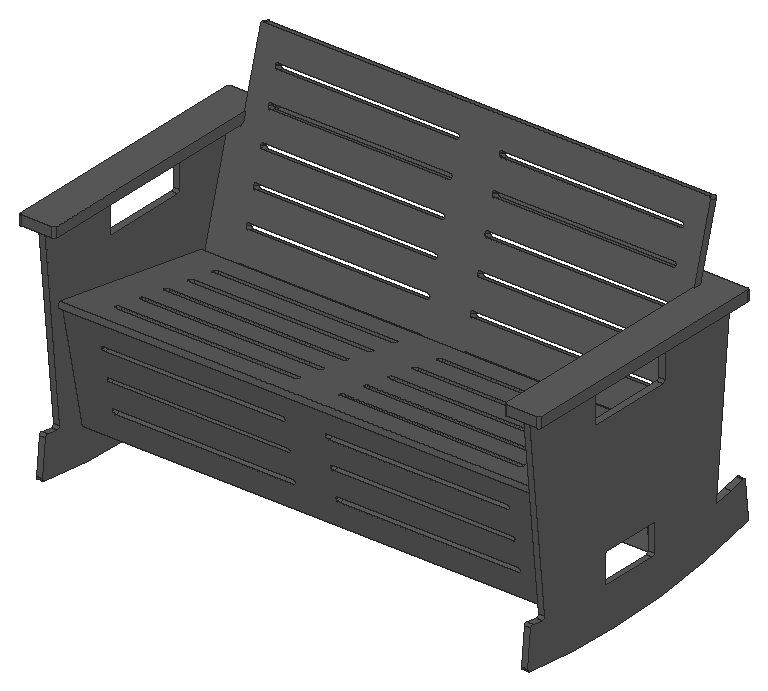
Revit family "Lollygagger Go Love Rocker", category Furniture, Revit 2016 (continued)
Lines and regions (in)
  Masking region 6
    outline origin (0, 0, 0) x (1, 0, 0) y (0, 0, 1)
      loop
        spline (-19.9375, 18.85466) -> (-19.96526, 18.85317) -> (-19.99267, 18.84873) -> (-20.01941, 18.84139) -> (-20.04513, 18.83125) -> (-20.06952, 18.81842) -> (-20.09227, 18.80306) -> (-20.11312, 18.78538) -> (-20.13179, 18.76557) -> (-20.14806, 18.7439) -> (-20.16172, 18.72063) -> (-20.17261, 18.69604) -> (-20.18059, 18.67044)
        spline (-20.18059, 18.67044) -> (-20.17261, 18.64484) -> (-20.16172, 18.62025) -> (-20.14806, 18.59697) -> (-20.13179, 18.5753) -> (-20.11312, 18.5555) -> (-20.09227, 18.53781) -> (-20.06952, 18.52246) -> (-20.04513, 18.50963) -> (-20.01941, 18.49948) -> (-19.99267, 18.49215) -> (-19.96526, 18.48771) -> (-19.9375, 18.48622)
        line (-19.9375, 18.48622) -> (-2.25, 18.48622)
        spline (-2.25, 18.48622) -> (-2.22224, 18.48771) -> (-2.19483, 18.49215) -> (-2.16809, 18.49948) -> (-2.14237, 18.50963) -> (-2.11798, 18.52246) -> (-2.09523, 18.53781) -> (-2.07438, 18.5555) -> (-2.05571, 18.5753) -> (-2.03944, 18.59697) -> (-2.02578, 18.62025) -> (-2.01489, 18.64484) -> (-2.00691, 18.67044)
        spline (-2.00691, 18.67044) -> (-2.01489, 18.69604) -> (-2.02578, 18.72063) -> (-2.03944, 18.7439) -> (-2.05571, 18.76557) -> (-2.07438, 18.78538) -> (-2.09523, 18.80306) -> (-2.11798, 18.81842) -> (-2.14237, 18.83125) -> (-2.16809, 18.84139) -> (-2.19483, 18.84873) -> (-2.22224, 18.85317) -> (-2.25, 18.85466)
        line (-2.25, 18.85466) -> (-19.9375, 18.85466)
  Masking region 7
    outline origin (0, 0, 0) x (1, 0, 0) y (0, 1, 0)
      loop
        line (-22.25, 12.7508) -> (-22.25, -10.79895) -> (22.25, -10.79895) -> (22.25, 12.7508)
        arc (22.25, 12.7508) -> (22.32299, 12.92701) -> (22.4992, 13) r 0.2492
        line (22.4992, 13) -> (23.6875, 13) -> (23.6875, 13.14615)
        spline (23.6875, 13.14615) -> (21.47828, 13.27926) -> (19.31183, 13.40051) -> (17.18816, 13.50989) -> (15.10727, 13.60741) -> (13.06915, 13.69306) -> (11.0738, 13.76684) -> (9.12123, 13.82875) -> (7.21143, 13.8788) -> (5.34441, 13.91698) -> (3.52017, 13.9433) -> (1.7387, 13.95775) -> (0, 13.96033)
        spline (0, 13.96033) -> (-1.7387, 13.95775) -> (-3.52017, 13.9433) -> (-5.34441, 13.91698) -> (-7.21143, 13.8788) -> (-9.12123, 13.82875) -> (-11.0738, 13.76684) -> (-13.06915, 13.69306) -> (-15.10727, 13.60741) -> (-17.18816, 13.50989) -> (-19.31183, 13.40051) -> (-21.47828, 13.27926) -> (-23.6875, 13.14615)
        line (-23.6875, 13.14615) -> (-23.6875, 13) -> (-22.4992, 13)
        arc (-22.4992, 13) -> (-22.32299, 12.92701) -> (-22.25, 12.7508) r 0.2492
  Masking region 8
    outline origin (0, 0, 0) x (1, 0, 0) y (0, 1, 0)
      loop
        line (-24.3125, 14.62925) -> (-24.3125, 13) -> (-23.6875, 13) -> (-23.6875, 14.62925) -> (-24.3125, 14.62925)
      loop
        line (24.3125, 14.62925) -> (23.6875, 14.62925) -> (23.6875, 13) -> (24.3125, 13) -> (24.3125, 14.62925)
  Masking region 9
    outline origin (0, 0, 0) x (0, 1, 0) y (0, 0, 1)
      loop
        line (13, 24) -> (13, 23) -> (12.39892, 23) -> (12.30696, 22.12506) -> (13.14267, 22.12506)
        arc (13.14267, 22.12506) -> (13.31944, 22.19828) -> (13.39267, 22.37506) r 0.25
        line (13.39267, 22.37506) -> (13.39267, 22.75006) -> (13.96039, 22.75006) -> (13.96039, 23.75006) -> (13.32118, 23.75006) -> (13.32118, 24) -> (13, 24)
  symbolic lines
    curve 1: line (0, 9.97754, 23) -> (0, -9.97778, 23)
  symbolic lines, style "Furniture", detail levels medium+fine
    curve 2: line (-19.9375, 4.33816, 0) -> (-2.25, 4.33816, 0)
    curve 3: line (-20.1875, 4.0304, 0) -> (-20.1875, 4.09195, 0)
    curve 4: spline (-19.9375, 3.7842, 0) -> (-19.97013, 3.78631, 0) -> (-20.0022, 3.79259, 0) -> (-20.03317, 3.80294, 0) -> (-20.0625, 3.81719, 0) -> (-20.08969, 3.83508, 0) -> (-20.11428, 3.85631, 0) -> (-20.13584, 3.88052, 0) -> (-20.15401, 3.9073, 0) -> (-20.16847, 3.93619, 0) -> (-20.17898, 3.96668, 0) -> (-20.18536, 3.99827, 0) -> (-20.1875, 4.0304, 0)
    curve 5: spline (-20.1875, 4.09195, 0) -> (-20.18536, 4.12409, 0) -> (-20.17898, 4.15568, 0) -> (-20.16847, 4.18617, 0) -> (-20.15401, 4.21505, 0) -> (-20.13584, 4.24183, 0) -> (-20.11428, 4.26604, 0) -> (-20.08969, 4.28728, 0) -> (-20.0625, 4.30517, 0) -> (-20.03317, 4.31941, 0) -> (-20.0022, 4.32977, 0) -> (-19.97013, 4.33605, 0) -> (-19.9375, 4.33816, 0)
    curve 6: line (19.9375, 3.7842, 0) -> (2.25, 3.7842, 0)
    curve 7: spline (20.1875, 4.0304, 0) -> (20.18536, 3.99827, 0) -> (20.17898, 3.96668, 0) -> (20.16847, 3.93619, 0) -> (20.15401, 3.9073, 0) -> (20.13584, 3.88052, 0) -> (20.11428, 3.85631, 0) -> (20.08969, 3.83508, 0) -> (20.0625, 3.81719, 0) -> (20.03317, 3.80294, 0) -> (20.0022, 3.79259, 0) -> (19.97013, 3.78631, 0) -> (19.9375, 3.7842, 0)
    curve 8: spline (19.9375, 4.33816, 0) -> (19.97013, 4.33605, 0) -> (20.0022, 4.32977, 0) -> (20.03317, 4.31941, 0) -> (20.0625, 4.30517, 0) -> (20.08969, 4.28728, 0) -> (20.11428, 4.26604, 0) -> (20.13584, 4.24183, 0) -> (20.15401, 4.21505, 0) -> (20.16847, 4.18617, 0) -> (20.17898, 4.15568, 0) -> (20.18536, 4.12409, 0) -> (20.1875, 4.09195, 0)
    curve 9: line (20.1875, 4.09195, 0) -> (20.1875, 4.0304, 0)
    curve 13: line (-2, 4.0304, 0) -> (-2, 4.09195, 0)
    curve 14: spline (-2.25, 3.7842, 0) -> (-2.21737, 3.78631, 0) -> (-2.1853, 3.79259, 0) -> (-2.15433, 3.80294, 0) -> (-2.125, 3.81719, 0) -> (-2.09781, 3.83508, 0) -> (-2.07322, 3.85631, 0) -> (-2.05166, 3.88052, 0) -> (-2.03349, 3.9073, 0) -> (-2.01903, 3.93619, 0) -> (-2.00852, 3.96668, 0) -> (-2.00214, 3.99827, 0) -> (-2, 4.0304, 0)
    curve 15: spline (-2, 4.09195, 0) -> (-2.00214, 4.12409, 0) -> (-2.00852, 4.15568, 0) -> (-2.01903, 4.18617, 0) -> (-2.03349, 4.21505, 0) -> (-2.05166, 4.24183, 0) -> (-2.07322, 4.26604, 0) -> (-2.09781, 4.28728, 0) -> (-2.125, 4.30517, 0) -> (-2.15433, 4.31941, 0) -> (-2.1853, 4.32977, 0) -> (-2.21737, 4.33605, 0) -> (-2.25, 4.33816, 0)
    curve 16: line (2, 4.0304, 0) -> (2, 4.09195, 0)
    curve 17: spline (2.25, 3.7842, 0) -> (2.21737, 3.78631, 0) -> (2.1853, 3.79259, 0) -> (2.15433, 3.80294, 0) -> (2.125, 3.81719, 0) -> (2.09781, 3.83508, 0) -> (2.07322, 3.85631, 0) -> (2.05166, 3.88052, 0) -> (2.03349, 3.9073, 0) -> (2.01903, 3.93619, 0) -> (2.00852, 3.96668, 0) -> (2.00214, 3.99827, 0) -> (2, 4.0304, 0)
    curve 18: spline (2, 4.09195, 0) -> (2.00214, 4.12409, 0) -> (2.00852, 4.15568, 0) -> (2.01903, 4.18617, 0) -> (2.03349, 4.21505, 0) -> (2.05166, 4.24183, 0) -> (2.07322, 4.26604, 0) -> (2.09781, 4.28728, 0) -> (2.125, 4.30517, 0) -> (2.15433, 4.31941, 0) -> (2.1853, 4.32977, 0) -> (2.21737, 4.33605, 0) -> (2.25, 4.33816, 0)
    curve 19: line (-19.9375, 1.33244, 0) -> (-2.25, 1.33244, 0)
    curve 20: line (-20.1875, 1.02469, 0) -> (-20.1875, 1.08624, 0)
    curve 21: spline (-19.9375, 0.77849, 0) -> (-19.97013, 0.78059, 0) -> (-20.0022, 0.78687, 0) -> (-20.03317, 0.79723, 0) -> (-20.0625, 0.81147, 0) -> (-20.08969, 0.82936, 0) -> (-20.11428, 0.8506, 0) -> (-20.13584, 0.87481, 0) -> (-20.15401, 0.90159, 0) -> (-20.16847, 0.93047, 0) -> (-20.17898, 0.96097, 0) -> (-20.18536, 0.99255, 0) -> (-20.1875, 1.02469, 0)
    curve 22: spline (-20.1875, 1.08624, 0) -> (-20.18536, 1.11837, 0) -> (-20.17898, 1.14996, 0) -> (-20.16847, 1.18046, 0) -> (-20.15401, 1.20934, 0) -> (-20.13584, 1.23612, 0) -> (-20.11428, 1.26033, 0) -> (-20.08969, 1.28156, 0) -> (-20.0625, 1.29946, 0) -> (-20.03317, 1.3137, 0) -> (-20.0022, 1.32405, 0) -> (-19.97013, 1.33033, 0) -> (-19.9375, 1.33244, 0)
    curve 23: line (19.9375, 0.77849, 0) -> (2.25, 0.77849, 0)
    curve 24: spline (20.1875, 1.02469, 0) -> (20.18536, 0.99255, 0) -> (20.17898, 0.96097, 0) -> (20.16847, 0.93047, 0) -> (20.15401, 0.90159, 0) -> (20.13584, 0.87481, 0) -> (20.11428, 0.8506, 0) -> (20.08969, 0.82936, 0) -> (20.0625, 0.81147, 0) -> (20.03317, 0.79723, 0) -> (20.0022, 0.78687, 0) -> (19.97013, 0.78059, 0) -> (19.9375, 0.77849, 0)
    curve 25: spline (19.9375, 1.33244, 0) -> (19.97013, 1.33033, 0) -> (20.0022, 1.32405, 0) -> (20.03317, 1.3137, 0) -> (20.0625, 1.29946, 0) -> (20.08969, 1.28156, 0) -> (20.11428, 1.26033, 0) -> (20.13584, 1.23612, 0) -> (20.15401, 1.20934, 0) -> (20.16847, 1.18046, 0) -> (20.17898, 1.14996, 0) -> (20.18536, 1.11837, 0) -> (20.1875, 1.08624, 0)
    curve 26: line (20.1875, 1.08624, 0) -> (20.1875, 1.02469, 0)
    curve 29: line (-2, 1.02469, 0) -> (-2, 1.08624, 0)
    curve 30: spline (-2.25, 0.77849, 0) -> (-2.21737, 0.78059, 0) -> (-2.1853, 0.78687, 0) -> (-2.15433, 0.79723, 0) -> (-2.125, 0.81147, 0) -> (-2.09781, 0.82936, 0) -> (-2.07322, 0.8506, 0) -> (-2.05166, 0.87481, 0) -> (-2.03349, 0.90159, 0) -> (-2.01903, 0.93047, 0) -> (-2.00852, 0.96097, 0) -> (-2.00214, 0.99255, 0) -> (-2, 1.02469, 0)
    curve 31: spline (-2, 1.08624, 0) -> (-2.00214, 1.11837, 0) -> (-2.00852, 1.14996, 0) -> (-2.01903, 1.18046, 0) -> (-2.03349, 1.20934, 0) -> (-2.05166, 1.23612, 0) -> (-2.07322, 1.26033, 0) -> (-2.09781, 1.28156, 0) -> (-2.125, 1.29946, 0) -> (-2.15433, 1.3137, 0) -> (-2.1853, 1.32405, 0) -> (-2.21737, 1.33033, 0) -> (-2.25, 1.33244, 0)
    curve 32: line (2, 1.02469, 0) -> (2, 1.08624, 0)
    curve 33: spline (2.25, 0.77849, 0) -> (2.21737, 0.78059, 0) -> (2.1853, 0.78687, 0) -> (2.15433, 0.79723, 0) -> (2.125, 0.81147, 0) -> (2.09781, 0.82936, 0) -> (2.07322, 0.8506, 0) -> (2.05166, 0.87481, 0) -> (2.03349, 0.90159, 0) -> (2.01903, 0.93047, 0) -> (2.00852, 0.96097, 0) -> (2.00214, 0.99255, 0) -> (2, 1.02469, 0)
    curve 34: spline (2, 1.08624, 0) -> (2.00214, 1.11837, 0) -> (2.00852, 1.14996, 0) -> (2.01903, 1.18046, 0) -> (2.03349, 1.20934, 0) -> (2.05166, 1.23612, 0) -> (2.07322, 1.26033, 0) -> (2.09781, 1.28156, 0) -> (2.125, 1.29946, 0) -> (2.15433, 1.3137, 0) -> (2.1853, 1.32405, 0) -> (2.21737, 1.33033, 0) -> (2.25, 1.33244, 0)
    curve 35: line (-19.9375, -1.67328, 0) -> (-2.25, -1.67328, 0)
    curve 36: line (-20.1875, -1.98103, 0) -> (-20.1875, -1.91948, 0)
    curve 37: spline (-19.9375, -2.22723, 0) -> (-19.97013, -2.22512, 0) -> (-20.0022, -2.21884, 0) -> (-20.03317, -2.20849, 0) -> (-20.0625, -2.19424, 0) -> (-20.08969, -2.17635, 0) -> (-20.11428, -2.15512, 0) -> (-20.13584, -2.13091, 0) -> (-20.15401, -2.10413, 0) -> (-20.16847, -2.07525, 0) -> (-20.17898, -2.04475, 0) -> (-20.18536, -2.01316, 0) -> (-20.1875, -1.98103, 0)
    curve 38: spline (-20.1875, -1.91948, 0) -> (-20.18536, -1.88734, 0) -> (-20.17898, -1.85576, 0) -> (-20.16847, -1.82526, 0) -> (-20.15401, -1.79638, 0) -> (-20.13584, -1.7696, 0) -> (-20.11428, -1.74539, 0) -> (-20.08969, -1.72415, 0) -> (-20.0625, -1.70626, 0) -> (-20.03317, -1.69202, 0) -> (-20.0022, -1.68166, 0) -> (-19.97013, -1.67538, 0) -> (-19.9375, -1.67328, 0)
    curve 39: line (19.9375, -2.22723, 0) -> (2.25, -2.22723, 0)
    curve 40: spline (20.1875, -1.98103, 0) -> (20.18536, -2.01316, 0) -> (20.17898, -2.04475, 0) -> (20.16847, -2.07525, 0) -> (20.15401, -2.10413, 0) -> (20.13584, -2.13091, 0) -> (20.11428, -2.15512, 0) -> (20.08969, -2.17635, 0) -> (20.0625, -2.19424, 0) -> (20.03317, -2.20849, 0) -> (20.0022, -2.21884, 0) -> (19.97013, -2.22512, 0) -> (19.9375, -2.22723, 0)
    curve 41: spline (19.9375, -1.67328, 0) -> (19.97013, -1.67538, 0) -> (20.0022, -1.68166, 0) -> (20.03317, -1.69202, 0) -> (20.0625, -1.70626, 0) -> (20.08969, -1.72415, 0) -> (20.11428, -1.74539, 0) -> (20.13584, -1.7696, 0) -> (20.15401, -1.79638, 0) -> (20.16847, -1.82526, 0) -> (20.17898, -1.85576, 0) -> (20.18536, -1.88734, 0) -> (20.1875, -1.91948, 0)
    curve 42: line (20.1875, -1.91948, 0) -> (20.1875, -1.98103, 0)
    curve 45: line (-2, -1.98103, 0) -> (-2, -1.91948, 0)
    curve 46: spline (-2.25, -2.22723, 0) -> (-2.21737, -2.22512, 0) -> (-2.1853, -2.21884, 0) -> (-2.15433, -2.20849, 0) -> (-2.125, -2.19424, 0) -> (-2.09781, -2.17635, 0) -> (-2.07322, -2.15512, 0) -> (-2.05166, -2.13091, 0) -> (-2.03349, -2.10413, 0) -> (-2.01903, -2.07525, 0) -> (-2.00852, -2.04475, 0) -> (-2.00214, -2.01316, 0) -> (-2, -1.98103, 0)
    curve 47: spline (-2, -1.91948, 0) -> (-2.00214, -1.88734, 0) -> (-2.00852, -1.85576, 0) -> (-2.01903, -1.82526, 0) -> (-2.03349, -1.79638, 0) -> (-2.05166, -1.7696, 0) -> (-2.07322, -1.74539, 0) -> (-2.09781, -1.72415, 0) -> (-2.125, -1.70626, 0) -> (-2.15433, -1.69202, 0) -> (-2.1853, -1.68166, 0) -> (-2.21737, -1.67538, 0) -> (-2.25, -1.67328, 0)
    curve 48: line (2, -1.98103, 0) -> (2, -1.91948, 0)
    curve 49: spline (2.25, -2.22723, 0) -> (2.21737, -2.22512, 0) -> (2.1853, -2.21884, 0) -> (2.15433, -2.20849, 0) -> (2.125, -2.19424, 0) -> (2.09781, -2.17635, 0) -> (2.07322, -2.15512, 0) -> (2.05166, -2.13091, 0) -> (2.03349, -2.10413, 0) -> (2.01903, -2.07525, 0) -> (2.00852, -2.04475, 0) -> (2.00214, -2.01316, 0) -> (2, -1.98103, 0)
    curve 50: spline (2, -1.91948, 0) -> (2.00214, -1.88734, 0) -> (2.00852, -1.85576, 0) -> (2.01903, -1.82526, 0) -> (2.03349, -1.79638, 0) -> (2.05166, -1.7696, 0) -> (2.07322, -1.74539, 0) -> (2.09781, -1.72415, 0) -> (2.125, -1.70626, 0) -> (2.15433, -1.69202, 0) -> (2.1853, -1.68166, 0) -> (2.21737, -1.67538, 0) -> (2.25, -1.67328, 0)
    curve 51: line (-19.9375, -4.67899, 0) -> (-2.25, -4.67899, 0)
    curve 52: line (-20.1875, -4.98674, 0) -> (-20.1875, -4.92519, 0)
    curve 53: spline (-19.9375, -5.23295, 0) -> (-19.97013, -5.23084, 0) -> (-20.0022, -5.22456, 0) -> (-20.03317, -5.2142, 0) -> (-20.0625, -5.19996, 0) -> (-20.08969, -5.18207, 0) -> (-20.11428, -5.16083, 0) -> (-20.13584, -5.13662, 0) -> (-20.15401, -5.10984, 0) -> (-20.16847, -5.08096, 0) -> (-20.17898, -5.05046, 0) -> (-20.18536, -5.01888, 0) -> (-20.1875, -4.98674, 0)
    curve 54: spline (-20.1875, -4.92519, 0) -> (-20.18536, -4.89306, 0) -> (-20.17898, -4.86147, 0) -> (-20.16847, -4.83098, 0) -> (-20.15401, -4.80209, 0) -> (-20.13584, -4.77531, 0) -> (-20.11428, -4.7511, 0) -> (-20.08969, -4.72987, 0) -> (-20.0625, -4.71198, 0) -> (-20.03317, -4.69773, 0) -> (-20.0022, -4.68738, 0) -> (-19.97013, -4.6811, 0) -> (-19.9375, -4.67899, 0)
    curve 55: line (19.9375, -5.23295, 0) -> (2.25, -5.23295, 0)
    curve 56: spline (20.1875, -4.98674, 0) -> (20.18536, -5.01888, 0) -> (20.17898, -5.05046, 0) -> (20.16847, -5.08096, 0) -> (20.15401, -5.10984, 0) -> (20.13584, -5.13662, 0) -> (20.11428, -5.16083, 0) -> (20.08969, -5.18207, 0) -> (20.0625, -5.19996, 0) -> (20.03317, -5.2142, 0) -> (20.0022, -5.22456, 0) -> (19.97013, -5.23084, 0) -> (19.9375, -5.23295, 0)
    curve 57: spline (19.9375, -4.67899, 0) -> (19.97013, -4.6811, 0) -> (20.0022, -4.68738, 0) -> (20.03317, -4.69773, 0) -> (20.0625, -4.71198, 0) -> (20.08969, -4.72987, 0) -> (20.11428, -4.7511, 0) -> (20.13584, -4.77531, 0) -> (20.15401, -4.80209, 0) -> (20.16847, -4.83098, 0) -> (20.17898, -4.86147, 0) -> (20.18536, -4.89306, 0) -> (20.1875, -4.92519, 0)
    curve 58: line (20.1875, -4.92519, 0) -> (20.1875, -4.98674, 0)
    curve 61: line (-2, -4.98674, 0) -> (-2, -4.92519, 0)
    curve 62: spline (-2.25, -5.23295, 0) -> (-2.21737, -5.23084, 0) -> (-2.1853, -5.22456, 0) -> (-2.15433, -5.2142, 0) -> (-2.125, -5.19996, 0) -> (-2.09781, -5.18207, 0) -> (-2.07322, -5.16083, 0) -> (-2.05166, -5.13662, 0) -> (-2.03349, -5.10984, 0) -> (-2.01903, -5.08096, 0) -> (-2.00852, -5.05046, 0) -> (-2.00214, -5.01888, 0) -> (-2, -4.98674, 0)
    curve 63: spline (-2, -4.92519, 0) -> (-2.00214, -4.89306, 0) -> (-2.00852, -4.86147, 0) -> (-2.01903, -4.83098, 0) -> (-2.03349, -4.80209, 0) -> (-2.05166, -4.77531, 0) -> (-2.07322, -4.7511, 0) -> (-2.09781, -4.72987, 0) -> (-2.125, -4.71198, 0) -> (-2.15433, -4.69773, 0) -> (-2.1853, -4.68738, 0) -> (-2.21737, -4.6811, 0) -> (-2.25, -4.67899, 0)
    curve 64: line (2, -4.98674, 0) -> (2, -4.92519, 0)
    curve 65: spline (2.25, -5.23295, 0) -> (2.21737, -5.23084, 0) -> (2.1853, -5.22456, 0) -> (2.15433, -5.2142, 0) -> (2.125, -5.19996, 0) -> (2.09781, -5.18207, 0) -> (2.07322, -5.16083, 0) -> (2.05166, -5.13662, 0) -> (2.03349, -5.10984, 0) -> (2.01903, -5.08096, 0) -> (2.00852, -5.05046, 0) -> (2.00214, -5.01888, 0) -> (2, -4.98674, 0)
    curve 66: spline (2, -4.92519, 0) -> (2.00214, -4.89306, 0) -> (2.00852, -4.86147, 0) -> (2.01903, -4.83098, 0) -> (2.03349, -4.80209, 0) -> (2.05166, -4.77531, 0) -> (2.07322, -4.7511, 0) -> (2.09781, -4.72987, 0) -> (2.125, -4.71198, 0) -> (2.15433, -4.69773, 0) -> (2.1853, -4.68738, 0) -> (2.21737, -4.6811, 0) -> (2.25, -4.67899, 0)
    curve 67: line (-19.9375, -7.68471, 0) -> (-2.25, -7.68471, 0)
    curve 68: line (-20.1875, -7.99246, 0) -> (-20.1875, -7.93091, 0)
    curve 69: spline (-19.9375, -8.23866, 0) -> (-19.97013, -8.23655, 0) -> (-20.0022, -8.23027, 0) -> (-20.03317, -8.21992, 0) -> (-20.0625, -8.20568, 0) -> (-20.08969, -8.18778, 0) -> (-20.11428, -8.16655, 0) -> (-20.13584, -8.14234, 0) -> (-20.15401, -8.11556, 0) -> (-20.16847, -8.08668, 0) -> (-20.17898, -8.05618, 0) -> (-20.18536, -8.02459, 0) -> (-20.1875, -7.99246, 0)
    curve 70: spline (-20.1875, -7.93091, 0) -> (-20.18536, -7.89877, 0) -> (-20.17898, -7.86719, 0) -> (-20.16847, -7.83669, 0) -> (-20.15401, -7.80781, 0) -> (-20.13584, -7.78103, 0) -> (-20.11428, -7.75682, 0) -> (-20.08969, -7.73558, 0) -> (-20.0625, -7.71769, 0) -> (-20.03317, -7.70345, 0) -> (-20.0022, -7.6931, 0) -> (-19.97013, -7.68681, 0) -> (-19.9375, -7.68471, 0)
    curve 71: line (19.9375, -8.23866, 0) -> (2.25, -8.23866, 0)
    curve 72: spline (20.1875, -7.99246, 0) -> (20.18536, -8.02459, 0) -> (20.17898, -8.05618, 0) -> (20.16847, -8.08668, 0) -> (20.15401, -8.11556, 0) -> (20.13584, -8.14234, 0) -> (20.11428, -8.16655, 0) -> (20.08969, -8.18778, 0) -> (20.0625, -8.20568, 0) -> (20.03317, -8.21992, 0) -> (20.0022, -8.23027, 0) -> (19.97013, -8.23655, 0) -> (19.9375, -8.23866, 0)
    curve 73: spline (19.9375, -7.68471, 0) -> (19.97013, -7.68681, 0) -> (20.0022, -7.6931, 0) -> (20.03317, -7.70345, 0) -> (20.0625, -7.71769, 0) -> (20.08969, -7.73558, 0) -> (20.11428, -7.75682, 0) -> (20.13584, -7.78103, 0) -> (20.15401, -7.80781, 0) -> (20.16847, -7.83669, 0) -> (20.17898, -7.86719, 0) -> (20.18536, -7.89877, 0) -> (20.1875, -7.93091, 0)
    curve 74: line (20.1875, -7.93091, 0) -> (20.1875, -7.99246, 0)
    curve 77: line (-2, -7.99246, 0) -> (-2, -7.93091, 0)
    curve 78: spline (-2.25, -8.23866, 0) -> (-2.21737, -8.23655, 0) -> (-2.1853, -8.23027, 0) -> (-2.15433, -8.21992, 0) -> (-2.125, -8.20568, 0) -> (-2.09781, -8.18778, 0) -> (-2.07322, -8.16655, 0) -> (-2.05166, -8.14234, 0) -> (-2.03349, -8.11556, 0) -> (-2.01903, -8.08668, 0) -> (-2.00852, -8.05618, 0) -> (-2.00214, -8.02459, 0) -> (-2, -7.99246, 0)
    curve 79: spline (-2, -7.93091, 0) -> (-2.00214, -7.89877, 0) -> (-2.00852, -7.86719, 0) -> (-2.01903, -7.83669, 0) -> (-2.03349, -7.80781, 0) -> (-2.05166, -7.78103, 0) -> (-2.07322, -7.75682, 0) -> (-2.09781, -7.73558, 0) -> (-2.125, -7.71769, 0) -> (-2.15433, -7.70345, 0) -> (-2.1853, -7.6931, 0) -> (-2.21737, -7.68681, 0) -> (-2.25, -7.68471, 0)
    curve 80: line (2, -7.99246, 0) -> (2, -7.93091, 0)
    curve 81: spline (2.25, -8.23866, 0) -> (2.21737, -8.23655, 0) -> (2.1853, -8.23027, 0) -> (2.15433, -8.21992, 0) -> (2.125, -8.20568, 0) -> (2.09781, -8.18778, 0) -> (2.07322, -8.16655, 0) -> (2.05166, -8.14234, 0) -> (2.03349, -8.11556, 0) -> (2.01903, -8.08668, 0) -> (2.00852, -8.05618, 0) -> (2.00214, -8.02459, 0) -> (2, -7.99246, 0)
    curve 82: spline (2, -7.93091, 0) -> (2.00214, -7.89877, 0) -> (2.00852, -7.86719, 0) -> (2.01903, -7.83669, 0) -> (2.03349, -7.80781, 0) -> (2.05166, -7.78103, 0) -> (2.07322, -7.75682, 0) -> (2.09781, -7.73558, 0) -> (2.125, -7.71769, 0) -> (2.15433, -7.70345, 0) -> (2.1853, -7.6931, 0) -> (2.21737, -7.68681, 0) -> (2.25, -7.68471, 0)
  symbolic lines, style "Furniture"
    curve 10: line (-22.25, 6.78992, 0) -> (22.25, 6.78992, 0)
  symbolic lines, detail levels medium+fine
    curve 11: line (2.25, 4.33816, 0) -> (19.9375, 4.33816, 0)
    curve 12: line (-2.25, 3.7842, 0) -> (-19.9375, 3.7842, 0)
    curve 27: line (2.25, 1.33244, 0) -> (19.9375, 1.33244, 0)
    curve 28: line (-2.25, 0.77849, 0) -> (-19.9375, 0.77849, 0)
    curve 43: line (2.25, -1.67328, 0) -> (19.9375, -1.67328, 0)
    curve 44: line (-2.25, -2.22723, 0) -> (-19.9375, -2.22723, 0)
    curve 59: line (2.25, -4.67899, 0) -> (19.9375, -4.67899, 0)
    curve 60: line (-2.25, -5.23295, 0) -> (-19.9375, -5.23295, 0)
    curve 75: line (2.25, -7.68471, 0) -> (19.9375, -7.68471, 0)
    curve 76: line (-2.25, -8.23866, 0) -> (-19.9375, -8.23866, 0)
Dimensions and locks (in)
  "Height Top": plane 4 to level
  "Thick": plane 4 to plane 5
  "Width": plane 6 to plane 7
  equal spacing: plane 7, plane 1 "Center Front/Back", plane 6
  "Apron": plane 8 to plane 5
  plane 7 to plane 12 = 0' - 3.02222"
  plane 11 to plane 6 = 0' - 3.02246"
  equal spacing: plane 9, plane 3 "Center Left/Right", plane 10
  locked: plane 13 to plane 14 at 0.625
  locked: plane 10 to plane 13 at 1.4375
  locked: plane 15 to plane 9 at 1.4375
  locked: plane 15 to plane 16 at 0.625
  "Length": plane 9 to plane 10
  locked: plane 5 to Extrusion 3 at 0.25
  locked: plane 9 to plane 17 at 3.5
  locked: plane 18 to plane 10 at 3.5
  aligned and locked: level to plane 2
  aligned and locked: Extrusion 1 to plane 7
  aligned and locked: plane 6 to Extrusion 1  (x2)
  aligned and locked: Masking region 2 sketch curve to Extrusion 1
  aligned and locked: curve 1 to plane 5
  aligned and locked: plane 15 to Extrusion 2
  aligned and locked: Extrusion 2 to plane 16
  aligned and locked: plane 4 to Extrusion 1
  aligned and locked: Extrusion 1 to plane 5
  aligned and locked: Masking region 2 to plane 5
  aligned and locked: plane 5 to Extrusion 2  (x2)
  aligned and locked: Masking region 3 to plane 5  (x2)
  aligned and locked: plane 5 to Extrusion 3
  aligned and locked: Masking region 5 sketch curve to plane 14
  aligned and locked: Masking region 5 sketch curve to plane 13
  aligned and locked: level to Masking region 5 sketch curve
  aligned and locked: plane 15 to Masking region 5 sketch curve
  aligned and locked: plane 16 to Masking region 5 sketch curve
  aligned and locked: Masking region 5 sketch curve to plane 2
  aligned and locked: plane 17 to Extrusion 1
  aligned and locked: Extrusion 1 to plane 9
  aligned and locked: Masking region 4 to plane 9
  aligned and locked: plane 17 to Masking region 4
  aligned and locked: plane 6 to Masking region 4
  aligned and locked: Masking region 4 sketch curve to plane 7  (x2)
  aligned and locked: plane 9 to Masking region 1
  aligned and locked: plane 4 to Masking region 1 sketch curve
  aligned and locked: Masking region 1 sketch curve to plane 5
  aligned and locked: plane 10 to Masking region 1 sketch curve
  aligned and locked: plane 10 to Extrusion 4
  aligned and locked: Extrusion 4 to plane 5
  aligned and locked: plane 4 to Extrusion 4
  aligned and locked: Masking region 4 sketch curve to plane 18
  aligned and locked: Masking region 4 sketch curve to plane 6
  aligned and locked: Masking region 4 sketch curve to plane 10
  aligned and locked: plane 18 to Masking region 6 sketch curve
  aligned and locked: plane 17 to Masking region 6 sketch curve
  aligned and locked: Masking region 6 sketch curve to plane 16
  aligned and locked: plane 14 to Masking region 6 sketch curve
  aligned and locked: Extrusion 5 to Extrusion 3
  aligned and locked: Extrusion 7 to Extrusion 3
  aligned and locked: Extrusion 6 to Extrusion 7
  aligned and locked: plane 19 to Masking region 3 sketch curve
  aligned and locked: plane 20 to Masking region 3 sketch curve
  aligned and locked: plane 4 to Masking region 3 sketch curve
  aligned and locked: Masking region 7 sketch curve to plane 17
  aligned and locked: Masking region 7 sketch curve to plane 18
  aligned and locked: plane 15 to Masking region 8 sketch curve
  aligned and locked: plane 16 to Masking region 8 sketch curve
  aligned and locked: Masking region 8 sketch curve to plane 6
  aligned and locked: plane 6 to Masking region 8 sketch curve
  aligned and locked: Masking region 8 sketch curve to plane 14
  aligned and locked: Masking region 8 sketch curve to plane 13
  aligned and locked: plane 5 to Extrusion 7
  aligned and locked: plane 5 to Extrusion 5
  aligned and locked: plane 5 to Extrusion 6
  aligned and locked: plane 21 to Extrusion 8
  aligned and locked: Extrusion 8 to plane 22
  aligned and locked: plane 22 to Extrusion 10
  aligned and locked: plane 22 to Extrusion 11
  aligned and locked: plane 13 to Extrusion 18
  aligned and locked: Extrusion 18 to plane 14
  aligned and locked: Masking region 3 sketch curve to Extrusion 2  (x7)
  aligned and locked: Masking region 6 to Extrusion 13
  aligned and locked: plane 16 to Extrusion 10
  aligned and locked: plane 16 to Extrusion 16
  aligned and locked: plane 16 to Extrusion 14
  aligned and locked: plane 14 to Extrusion 17
  aligned and locked: plane 14 to Extrusion 11
  aligned and locked: plane 14 to Extrusion 15
  aligned and locked: Extrusion 20 to plane 19
  aligned and locked: Extrusion 19 sketch curve to plane 22
  aligned and locked: Masking region 9 sketch curve to Extrusion 1
  aligned and locked: plane 16 to Masking region 7 sketch curve
Automatic sketch dimensions
  curve 10 to plane 17 = 0' - 0"
  curve 10 to plane 18 = 0' - 0"
  plane 17 to curve 36 = 0' - 2 1/16"
  plane 17 to curve 3 = 0' - 2 1/16"
  curve 20 to plane 1 "Center Front/Back" = 0' - 1.02469"
  plane 17 to curve 20 = 0' - 2 1/16"
  plane 17 to curve 68 = 0' - 2 1/16"
  plane 17 to curve 52 = 0' - 2 1/16"
  curve 52 to curve 51 = 0' - 0 1/4"
  curve 4 to curve 12 = 0' - 0 1/4"
  curve 36 to curve 44 = 0' - 0 1/4"
  curve 68 to curve 67 = 0' - 0 1/4"
  curve 76 to curve 70 = 0' - 0"
  curve 60 to curve 54 = 0' - 0"
  curve 20 to curve 28 = 0' - 0 1/4"
  curve 35 to curve 37 = 0' - 0"
  curve 19 to curve 21 = 0' - 0"
  curve 2 to curve 4 = 0' - 0"
  curve 60 to plane 3 "Center Left/Right" = 0' - 2 1/4"
  curve 76 to plane 3 "Center Left/Right" = 0' - 2 1/4"
  curve 28 to plane 1 "Center Front/Back" = 0' - 0.77849"
  curve 28 to plane 3 "Center Left/Right" = 0' - 2 1/4"
  curve 51 to curve 62 = 0' - 0"
  curve 19 to curve 30 = 0' - 0"
  curve 12 to plane 3 "Center Left/Right" = 0' - 2 1/4"
  curve 44 to plane 3 "Center Left/Right" = 0' - 2 1/4"
  curve 2 to curve 14 = 0' - 0"
  curve 67 to curve 78 = 0' - 0"
  curve 35 to curve 46 = 0' - 0"
  curve 62 to curve 61 = 0' - 0 1/4"
  curve 31 to curve 29 = 0' - 0 1/4"
  curve 78 to curve 77 = 0' - 0 1/4"
  curve 47 to curve 45 = 0' - 0 1/4"
  curve 15 to curve 13 = 0' - 0 1/4"
  plane 3 "Center Left/Right" to curve 80 = 0' - 2"
  plane 3 "Center Left/Right" to curve 64 = 0' - 2"
  plane 3 "Center Left/Right" to curve 32 = 0' - 2"
  plane 3 "Center Left/Right" to curve 16 = 0' - 2"
  plane 3 "Center Left/Right" to curve 48 = 0' - 2"
  curve 18 to curve 11 = 0' - 0 1/4"
  curve 50 to curve 43 = 0' - 0 1/4"
  curve 32 to curve 23 = 0' - 0 1/4"
  curve 64 to curve 55 = 0' - 0 1/4"
  curve 6 to curve 18 = 0' - 0"
  curve 39 to curve 50 = 0' - 0"
  curve 27 to curve 33 = 0' - 0"
  curve 82 to curve 75 = 0' - 0 1/4"
  curve 71 to curve 82 = 0' - 0"
  curve 59 to curve 65 = 0' - 0"
  curve 55 to plane 18 = 0' - 2 5/16"
  curve 11 to plane 18 = 0' - 2 5/16"
  curve 6 to curve 8 = 0' - 0"
  curve 23 to plane 1 "Center Front/Back" = 0' - 0.77849"
  curve 23 to plane 18 = 0' - 2 5/16"
  curve 39 to plane 18 = 0' - 2 5/16"
  curve 43 to curve 40 = 0' - 0"
  curve 59 to curve 56 = 0' - 0"
  curve 27 to curve 24 = 0' - 0"
  curve 75 to plane 18 = 0' - 2 5/16"
  curve 71 to curve 73 = 0' - 0"
  curve 73 to curve 74 = 0' - 0 1/4"
  curve 25 to curve 26 = 0' - 0 1/4"
  curve 56 to curve 58 = 0' - 0 1/4"
  curve 7 to curve 9 = 0' - 0 1/4"
  curve 41 to curve 42 = 0' - 0 1/4"
  plane 1 "Center Front/Back" to curve 43 = 0' - 1.67328"
  plane 1 "Center Front/Back" to curve 35 = 0' - 1.67328"
  curve 36 to curve 35 = 0' - 0.2462"
  curve 48 to curve 50 = 0' - 0.2462"
  curve 45 to curve 47 = 0' - 0.2462"
  curve 42 to curve 41 = 0' - 0.2462"
  curve 42 to curve 41 = 0' - 0.06155"
  curve 45 to curve 47 = 0' - 0.06155"
  curve 36 to curve 36 = 0' - 0.06155"
  curve 48 to curve 48 = 0' - 0.06155"
  curve 44 to curve 46 = 0' - 0.2462"
  curve 39 to curve 40 = 0' - 0.2462"
  curve 51 to curve 37 = 0' - 2.45176"
  curve 59 to curve 40 = 0' - 2.45176"
  curve 61 to curve 63 = 0' - 0.2462"
  curve 64 to curve 66 = 0' - 0.2462"
  curve 52 to curve 51 = 0' - 0.2462"
  curve 58 to curve 57 = 0' - 0.2462"
  curve 52 to curve 52 = 0' - 0.06155"
  curve 61 to curve 63 = 0' - 0.06155"
  curve 58 to curve 57 = 0' - 0.06155"
  curve 64 to curve 64 = 0' - 0.06155"
  curve 60 to curve 62 = 0' - 0.2462"
  curve 55 to curve 65 = 0' - 0.2462"
  curve 67 to plane 12 = 0' - 2.29308"
  curve 75 to plane 12 = 0' - 2.29308"
  curve 68 to curve 67 = 0' - 0.2462"
  curve 77 to curve 79 = 0' - 0.2462"
  curve 74 to curve 73 = 0' - 0.2462"
  curve 80 to curve 82 = 0' - 0.2462"
  curve 68 to curve 68 = 0' - 0.06155"
  curve 74 to curve 73 = 0' - 0.06155"
  curve 77 to curve 79 = 0' - 0.06155"
  curve 80 to curve 80 = 0' - 0.06155"
  curve 76 to curve 69 = 0' - 0.2462"
  curve 71 to curve 72 = 0' - 0.2462"
  curve 23 to curve 32 = 0' - 0.2462"
  curve 23 to curve 26 = 0' - 0.2462"
  curve 30 to curve 29 = 0' - 0.2462"
  curve 24 to curve 26 = 0' - 0.06155"
  curve 21 to curve 20 = 0' - 0.06155"
  curve 32 to curve 32 = 0' - 0.06155"
  curve 29 to curve 29 = 0' - 0.06155"
  curve 34 to curve 27 = 0' - 0.2462"
  curve 31 to curve 19 = 0' - 0.2462"
  curve 25 to curve 6 = 0' - 2.45176"
  curve 19 to curve 12 = 0' - 2.45176"
  curve 6 to curve 16 = 0' - 0.2462"
  curve 6 to curve 9 = 0' - 0.2462"
  curve 12 to curve 3 = 0' - 0.2462"
  curve 14 to curve 13 = 0' - 0.2462"
  curve 13 to curve 13 = 0' - 0.06155"
  curve 9 to curve 9 = 0' - 0.06155"
  curve 17 to curve 16 = 0' - 0.06155"
  curve 3 to curve 3 = 0' - 0.06155"
  curve 15 to curve 2 = 0' - 0.2462"
  curve 18 to curve 11 = 0' - 0.2462"
  curve 10 to plane 11 = 0' - 3.18762"
  curve 1 to plane 12 = 0' - 0"
  curve 1 to plane 11 = 0' - 0"
  Extrusion 1 sketch curve to plane 9 = 0' - 0"
  Extrusion 1 sketch curve to plane 7 = 0' - 0"
  Extrusion 1 sketch curve to plane 6 = 0' - 0"
  Extrusion 1 sketch curve to plane 17 = 0' - 0"
  plane 7 to Extrusion 1 sketch curve = 0' - 0.24727"
  Extrusion 1 sketch curve to Extrusion 1 sketch curve = 0' - 0.2492"
  Extrusion 1 sketch curve to plane 17 = 0' - 0.24727"
  plane 17 to Extrusion 1 sketch curve = 0' - 0 1/4"
  Extrusion 1 sketch curve to Extrusion 1 sketch curve = 0' - 1"
  plane 17 to Extrusion 1 sketch curve = 0' - 1.2508"
  Extrusion 1 sketch curve to Extrusion 1 sketch curve = 0' - 0 1/4"
  plane 11 to Extrusion 1 sketch curve = 0' - 1.02843"
  Masking region 1 sketch curve to plane 4 = 0' - 0"
  Masking region 1 sketch curve to plane 9 = 0' - 0"
  Masking region 1 sketch curve to plane 5 = 0' - 0"
  plane 17 to Masking region 1 sketch curve = 0' - 1 1/2"
  Masking region 1 sketch curve to plane 18 = 0' - 1 1/2"
  Masking region 2 sketch curve to plane 4 = 0' - 0"
  Masking region 2 sketch curve to plane 7 = 0' - 0"
  Masking region 2 sketch curve to plane 5 = 0' - 0"
  Extrusion 2 sketch curve to plane 5 = 0' - 0"  (x2)
  plane 7 to Extrusion 2 sketch curve = 0' - 0.4025"
  plane 7 to Extrusion 2 sketch curve = 0' - 0.60108"
  Extrusion 2 sketch curve to Extrusion 2 sketch curve = 0' - 0.22134"
  Extrusion 2 sketch curve to Extrusion 2 sketch curve = 0' - 0.02729"
  plane 7 to Extrusion 2 sketch curve = 0' - 0.76852"
  Extrusion 2 sketch curve to Extrusion 2 sketch curve = 0' - 0.24863"  (x5)
  Extrusion 2 sketch curve to Extrusion 2 sketch curve = 0' - 0.03479"  (x2)
  plane 12 to Extrusion 2 sketch curve = 0' - 0.79524"
  level to Extrusion 2 sketch curve = 0' - 0.15476"
  Extrusion 2 sketch curve to plane 12 = 0' - 2.99409"
  plane 1 "Center Front/Back" to Extrusion 2 sketch curve = 0' - 4.37245"
  Extrusion 2 sketch curve to Extrusion 2 sketch curve = 0' - 0 1/4"  (x4)
  Extrusion 2 sketch curve to plane 8 = 0' - 0.23845"
  plane 1 "Center Front/Back" to Extrusion 2 sketch curve = 0' - 3.10134"
  plane 8 to Extrusion 2 sketch curve = 0' - 0.01155"
  level to Extrusion 2 sketch curve = 0' - 0.00395"
  plane 1 "Center Front/Back" to Extrusion 2 sketch curve = 0' - 1.59178"
  Extrusion 2 sketch curve to plane 1 "Center Front/Back" = 0' - 2.85134"
  Extrusion 2 sketch curve to Extrusion 2 sketch curve = 0' - 0"
  level to Extrusion 2 sketch curve = 0' - 0.3065"
  Extrusion 2 sketch curve to plane 1 "Center Front/Back" = 0' - 4.00288"
  Extrusion 2 sketch curve to plane 1 "Center Front/Back" = 0' - 4.12245"
  Extrusion 2 sketch curve to plane 11 = 0' - 0.78441"
  plane 11 to Extrusion 2 sketch curve = 0' - 0.60503"
  Extrusion 2 sketch curve to Extrusion 2 sketch curve = 0' - 0.05739"
  Extrusion 2 sketch curve to plane 6 = 0' - 0.60108"
  Extrusion 2 sketch curve to plane 6 = 0' - 0.45022"
  plane 6 to Extrusion 2 sketch curve = 0' - 0.94656"
  Extrusion 2 sketch curve to Extrusion 2 sketch curve = 0' - 0.06346"
  plane 6 to Extrusion 2 sketch curve = 0' - 1.38064"
  level to Extrusion 2 sketch curve = 0' - 0.74704"
  Extrusion 2 sketch curve to Extrusion 2 sketch curve = 0' - 0.24851"
  level to Extrusion 2 sketch curve = 0' - 1.03594"
  level to Extrusion 2 sketch curve = 0' - 2.43943"
  Extrusion 2 sketch curve to Extrusion 2 sketch curve = 0' - 0.02613"  (x3)
  Extrusion 2 sketch curve to Extrusion 2 sketch curve = 0' - 2.80302"
  Extrusion 2 sketch curve to plane 8 = 0' - 2.77203"
  Extrusion 2 sketch curve to Extrusion 2 sketch curve = 0' - 0.16514"
  Extrusion 2 sketch curve to Extrusion 2 sketch curve = 0' - 0.24757"
  Extrusion 2 sketch curve to plane 8 = 0' - 1.80081"
  Extrusion 2 sketch curve to Extrusion 2 sketch curve = 0' - 0.24332"
  Extrusion 2 sketch curve to plane 8 = 0' - 1.40902"
  Extrusion 2 sketch curve to plane 8 = 0' - 1.28429"
  Extrusion 2 sketch curve to plane 5 = 0' - 4"
  Extrusion 2 sketch curve to Extrusion 2 sketch curve = 0' - 0.05398"
  Extrusion 2 sketch curve to Extrusion 2 sketch curve = 0' - 0.00005"
  Extrusion 2 sketch curve to Extrusion 2 sketch curve = 0' - 0.00023"
  Masking region 3 sketch curve to plane 5 = 0' - 0"  (x2)
  plane 7 to Masking region 3 sketch curve = 0' - 0.4025"
  Masking region 3 sketch curve to Masking region 3 sketch curve = 0' - 0.22134"
  Masking region 3 sketch curve to Masking region 3 sketch curve = 0' - 0.24863"  (x6)
  plane 7 to Masking region 3 sketch curve = 0' - 0.76852"
  Masking region 3 sketch curve to Masking region 3 sketch curve = 0' - 0.03479"  (x2)
  level to Masking region 3 sketch curve = 0' - 0.15476"
  Masking region 3 sketch curve to plane 12 = 0' - 2.99409"
  plane 1 "Center Front/Back" to Masking region 3 sketch curve = 0' - 4.37245"
  Masking region 3 sketch curve to Masking region 3 sketch curve = 0' - 0 1/4"  (x3)
  plane 1 "Center Front/Back" to Masking region 3 sketch curve = 0' - 3.10134"
  Masking region 3 sketch curve to plane 8 = 0' - 0.23845"
  level to Masking region 3 sketch curve = 0' - 0.00395"
  plane 1 "Center Front/Back" to Masking region 3 sketch curve = 0' - 1.59178"
  level to Masking region 3 sketch curve = 0' - 0.3065"
  Masking region 3 sketch curve to plane 1 "Center Front/Back" = 0' - 4.00288"
  Masking region 3 sketch curve to plane 1 "Center Front/Back" = 0' - 4.12245"
  Masking region 3 sketch curve to plane 11 = 0' - 0.78441"
  Masking region 3 sketch curve to Masking region 3 sketch curve = 0' - 0.05739"
  Masking region 3 sketch curve to plane 6 = 0' - 0.45022"
  Masking region 3 sketch curve to plane 6 = 0' - 0.35834"
  plane 6 to Masking region 3 sketch curve = 0' - 0.94656"
  Masking region 3 sketch curve to Masking region 3 sketch curve = 0' - 0.06346"
  plane 6 to Masking region 3 sketch curve = 0' - 1.38064"
  level to Masking region 3 sketch curve = 0' - 0.74704"
  Masking region 3 sketch curve to Masking region 3 sketch curve = 0' - 0.24851"
  level to Masking region 3 sketch curve = 0' - 1.03594"
  level to Masking region 3 sketch curve = 0' - 2.43943"
  Masking region 3 sketch curve to Masking region 3 sketch curve = 0' - 0.02613"  (x3)
  Masking region 3 sketch curve to Masking region 3 sketch curve = 0' - 0.08243"
  Masking region 3 sketch curve to plane 8 = 0' - 1.40902"
  Masking region 3 sketch curve to plane 8 = 0' - 1.28429"
  Masking region 3 sketch curve to plane 5 = 0' - 4"
  Masking region 3 sketch curve to Masking region 3 sketch curve = 0' - 0.05398"
  Masking region 3 sketch curve to Masking region 3 sketch curve = 0' - 0.00005"
  Masking region 3 sketch curve to Masking region 3 sketch curve = 0' - 0.00023"
  Masking region 4 sketch curve to plane 9 = 0' - 0"
  Masking region 4 sketch curve to plane 6 = 0' - 0"
  Masking region 4 sketch curve to plane 17 = 0' - 0"
  plane 9 to Masking region 4 sketch curve = 0' - 0.2492"
  plane 9 to Masking region 4 sketch curve = 0' - 0 1/4"
  plane 7 to Masking region 4 sketch curve = 0' - 0 1/4"
  Masking region 4 sketch curve to Masking region 4 sketch curve = 0' - 0.2492"
  Masking region 4 sketch curve to Masking region 4 sketch curve = 0' - 0 1/4"
  plane 18 to Masking region 4 sketch curve = 0' - 0 1/4"
  Masking region 4 sketch curve to plane 10 = 0' - 0 1/4"  (x2)
  plane 9 to Extrusion 3 sketch curve = 0' - 0 3/8"
  plane 15 to Extrusion 3 sketch curve = 0' - 0.56039"
  plane 15 to Extrusion 3 sketch curve = 0' - 0.19696"
  plane 15 to Extrusion 3 sketch curve = 0' - 0.18471"
  Extrusion 3 sketch curve to plane 16 = 0' - 0.19086"
  Extrusion 3 sketch curve to plane 16 = 0' - 0.19239"
  Extrusion 3 sketch curve to plane 16 = 0' - 0.56039"
  Extrusion 3 sketch curve to plane 17 = 0' - 0 3/8"
  Extrusion 3 sketch curve to plane 12 = 0' - 0.23033"
  Extrusion 3 sketch curve to Extrusion 3 sketch curve = 0' - 0.50665"
  Extrusion 3 sketch curve to Extrusion 3 sketch curve = 0' - 0.49897"
  Extrusion 3 sketch curve to Extrusion 3 sketch curve = 0' - 0.5016"
  Masking region 5 sketch curve to plane 5 = 0' - 0"  (x2)
  Masking region 5 sketch curve to plane 17 = 0' - 0"
  Masking region 5 sketch curve to plane 18 = 0' - 0"
  plane 9 to Masking region 5 sketch curve = 0' - 0 3/8"
  Masking region 5 sketch curve to plane 10 = 0' - 0 3/8"
  Masking region 5 sketch curve to plane 5 = 0' - 0 1/4"  (x4)
  Extrusion 4 sketch curve to plane 10 = 0' - 0"
  Extrusion 4 sketch curve to plane 7 = 0' - 0"
  Extrusion 4 sketch curve to plane 6 = 0' - 0"
  Extrusion 4 sketch curve to plane 18 = 0' - 0"
  Extrusion 4 sketch curve to Extrusion 4 sketch curve = 0' - 0.24727"
  plane 6 to Extrusion 4 sketch curve = 0' - 0.2492"  (x2)
  Extrusion 4 sketch curve to plane 18 = 0' - 0.24727"
  plane 18 to Extrusion 4 sketch curve = 0' - 0 1/4"
  Extrusion 4 sketch curve to Extrusion 4 sketch curve = 0' - 1"
  Extrusion 4 sketch curve to Extrusion 4 sketch curve = 0' - 0.0008"
  Extrusion 4 sketch curve to plane 11 = 0' - 1.02843"
  plane 9 to Extrusion 5 sketch curve = 0' - 0 3/8"
  plane 15 to Extrusion 5 sketch curve = 0' - 0.56039"
  plane 15 to Extrusion 5 sketch curve = 0' - 0.19696"
  plane 15 to Extrusion 5 sketch curve = 0' - 0.18471"
  Extrusion 5 sketch curve to plane 16 = 0' - 0.19086"
  Extrusion 5 sketch curve to plane 16 = 0' - 0.19239"
  Extrusion 5 sketch curve to plane 16 = 0' - 0.56039"
  Extrusion 5 sketch curve to plane 17 = 0' - 0 3/8"
  Extrusion 5 sketch curve to plane 11 = 0' - 3.85509"
  Extrusion 5 sketch curve to Extrusion 5 sketch curve = 0' - 0.50665"
  Extrusion 5 sketch curve to Extrusion 5 sketch curve = 0' - 0.49897"
  Extrusion 5 sketch curve to Extrusion 5 sketch curve = 0' - 0.5016"
  plane 18 to Extrusion 6 sketch curve = 0' - 0 3/8"
  Extrusion 6 sketch curve to plane 14 = 0' - 0.56039"
  Extrusion 6 sketch curve to plane 14 = 0' - 0.19239"
  Extrusion 6 sketch curve to plane 14 = 0' - 0.19086"
  plane 13 to Extrusion 6 sketch curve = 0' - 0.18471"
  plane 13 to Extrusion 6 sketch curve = 0' - 0.19696"
  plane 13 to Extrusion 6 sketch curve = 0' - 0.56039"
  Extrusion 6 sketch curve to plane 10 = 0' - 0 3/8"
  Extrusion 6 sketch curve to plane 12 = 0' - 0.23033"
  Extrusion 6 sketch curve to Extrusion 6 sketch curve = 0' - 0.50665"
  Extrusion 6 sketch curve to Extrusion 6 sketch curve = 0' - 0.49897"
  Extrusion 6 sketch curve to Extrusion 6 sketch curve = 0' - 0.5016"
  plane 18 to Extrusion 7 sketch curve = 0' - 0 3/8"
  Extrusion 7 sketch curve to plane 14 = 0' - 0.56039"
  Extrusion 7 sketch curve to plane 14 = 0' - 0.19239"
  Extrusion 7 sketch curve to plane 14 = 0' - 0.19086"
  plane 13 to Extrusion 7 sketch curve = 0' - 0.18471"
  plane 13 to Extrusion 7 sketch curve = 0' - 0.19696"
  plane 13 to Extrusion 7 sketch curve = 0' - 0.56039"
  Extrusion 7 sketch curve to plane 10 = 0' - 0 3/8"
  Extrusion 7 sketch curve to plane 11 = 0' - 3.85509"
  Extrusion 7 sketch curve to Extrusion 7 sketch curve = 0' - 0.50665"
  Extrusion 7 sketch curve to Extrusion 7 sketch curve = 0' - 0.49897"
  Extrusion 7 sketch curve to Extrusion 7 sketch curve = 0' - 0.5016"
  plane 17 to Masking region 6 sketch curve = 0' - 0 1/4"
  plane 17 to Masking region 6 sketch curve = 0' - 2 5/16"  (x4)
  Masking region 6 sketch curve to Masking region 6 sketch curve = 0' - 0"  (x24)
  plane 4 to Masking region 6 sketch curve = 0' - 1.16961"
  Masking region 6 sketch curve to plane 5 = 0' - 0.98787"  (x2)
  plane 4 to Masking region 6 sketch curve = 0' - 0.80118"  (x2)
  Masking region 6 sketch curve to plane 3 "Center Left/Right" = 0' - 2 1/4"  (x4)
  Masking region 6 sketch curve to plane 5 = 0' - 1.3563"  (x2)
  plane 3 "Center Left/Right" to Masking region 6 sketch curve = 0' - 2 1/4"  (x4)
  Masking region 6 sketch curve to plane 18 = 0' - 2.34049"  (x4)
  Masking region 6 sketch curve to Masking region 6 sketch curve = 0' - 0.06938"  (x4)
  Masking region 6 sketch curve to plane 18 = 0' - 0 1/4"
  Masking region 6 sketch curve to Masking region 6 sketch curve = 0' - 2.78904"  (x2)
  Masking region 6 sketch curve to Masking region 6 sketch curve = 0' - 0.36844"  (x5)
  level to Masking region 6 sketch curve = 0' - 3.06727"
  Masking region 6 sketch curve to plane 5 = 0' - 0 1/4"
  Masking region 6 sketch curve to plane 5 = 0' - 0.24994"
  Masking region 6 sketch curve to Masking region 6 sketch curve = 0' - 2.79083"  (x2)
  Masking region 6 sketch curve to Masking region 6 sketch curve = 0' - 2.53904"
  Masking region 6 sketch curve to Masking region 6 sketch curve = 0' - 0.24309"  (x12)
  Masking region 6 sketch curve to Masking region 6 sketch curve = 0' - 0 1/4"  (x12)
  Masking region 6 sketch curve to Masking region 6 sketch curve = 0' - 0.20304"  (x4)
  Masking region 6 sketch curve to Masking region 6 sketch curve = 0' - 0.00558"  (x8)
  Masking region 6 sketch curve to Masking region 6 sketch curve = 0' - 0.12812"  (x12)
  Masking region 6 sketch curve to Masking region 6 sketch curve = 0' - 0.1679"
  Masking region 6 sketch curve to Masking region 6 sketch curve = 0' - 0.10121"  (x3)
  Masking region 7 sketch curve to plane 6 = 0' - 0"  (x2)
  Masking region 7 sketch curve to plane 3 "Center Left/Right" = 0' - 0"
  Masking region 7 sketch curve to plane 14 = 0' - 0"
  Masking region 7 sketch curve to Masking region 7 sketch curve = 0' - 0.2492"  (x2)
  plane 12 to Masking region 7 sketch curve = 0' - 0.82117"
  plane 6 to Masking region 7 sketch curve = 0' - 0.14615"
  Masking region 7 sketch curve to Masking region 7 sketch curve = 0' - 0.14615"
  plane 6 to Masking region 7 sketch curve = 0' - 0.96033"
  plane 6 to Masking region 8 sketch curve = 0' - 1.62925"
  Masking region 8 sketch curve to Masking region 8 sketch curve = 0' - 1.62925"
  Extrusion 8 sketch curve to plane 16 = 0' - 0"
  Extrusion 8 sketch curve to plane 14 = 0' - 0"
  plane 17 to Extrusion 8 sketch curve = 0' - 2 1/16"  (x5)
  Extrusion 8 sketch curve to Extrusion 8 sketch curve = 0' - 0 1/4"  (x20)
  Extrusion 8 sketch curve to Extrusion 8 sketch curve = 0' - 0"  (x20)
  Extrusion 8 sketch curve to plane 3 "Center Left/Right" = 0' - 2 1/4"  (x5)
  plane 3 "Center Left/Right" to Extrusion 8 sketch curve = 0' - 2"  (x5)
  Extrusion 8 sketch curve to plane 18 = 0' - 2 5/16"  (x5)
  Extrusion 8 sketch curve to Extrusion 8 sketch curve = 0' - 2.48958"  (x10)
  Extrusion 8 sketch curve to Extrusion 8 sketch curve = 0' - 0 1/16"  (x10)
  Extrusion 8 sketch curve to Extrusion 8 sketch curve = 0' - 2.73958"
  Extrusion 9 sketch curve to plane 16 = 0' - 0"
  Extrusion 9 sketch curve to plane 14 = 0' - 0"
  plane 22 to Extrusion 9 sketch curve = 0' - 0"
  Extrusion 9 sketch curve to plane 22 = 0' - 3 9/16"
  Extrusion 10 sketch curve to plane 22 = 0' - 0"
  Extrusion 10 sketch curve to plane 1 "Center Front/Back" = 0' - 1.38689"
  Extrusion 10 sketch curve to plane 22 = 0' - 0.69178"
  Extrusion 10 sketch curve to Extrusion 10 sketch curve = 0' - 0.00376"
  Extrusion 10 sketch curve to Extrusion 10 sketch curve = 0' - 0.87548"
  Extrusion 10 sketch curve to plane 22 = 0' - 1 9/16"
  Extrusion 10 sketch curve to Extrusion 10 sketch curve = 0' - 0.00476"
  Extrusion 10 sketch curve to Extrusion 10 sketch curve = 0' - 0.62772"
  Extrusion 10 sketch curve to plane 22 = 0' - 0.93194"
  Extrusion 10 sketch curve to Extrusion 10 sketch curve = 0' - 3.99994"
  Extrusion 10 sketch curve to Extrusion 10 sketch curve = 0' - 0.6185"
  Extrusion 10 sketch curve to plane 22 = 0' - 1.53398"
  Extrusion 10 sketch curve to Extrusion 10 sketch curve = 0' - 0.62328"
  Extrusion 10 sketch curve to Extrusion 10 sketch curve = 0' - 0.8747"
  Extrusion 10 sketch curve to plane 22 = 0' - 0.65097"
  Extrusion 10 sketch curve to Extrusion 10 sketch curve = 0' - 0.00354"
  Extrusion 10 sketch curve to Extrusion 10 sketch curve = 0' - 0.26667"
  Extrusion 11 sketch curve to plane 22 = 0' - 0"
  Extrusion 11 sketch curve to plane 1 "Center Front/Back" = 0' - 1.38689"
  Extrusion 11 sketch curve to plane 22 = 0' - 0.69178"
  Extrusion 11 sketch curve to Extrusion 11 sketch curve = 0' - 0.00376"
  Extrusion 11 sketch curve to Extrusion 11 sketch curve = 0' - 0.87548"
  Extrusion 11 sketch curve to plane 22 = 0' - 1 9/16"
  Extrusion 11 sketch curve to Extrusion 11 sketch curve = 0' - 0.00476"
  Extrusion 11 sketch curve to Extrusion 11 sketch curve = 0' - 0.62772"
  Extrusion 11 sketch curve to plane 22 = 0' - 0.93194"
  Extrusion 11 sketch curve to Extrusion 11 sketch curve = 0' - 3.99994"
  Extrusion 11 sketch curve to Extrusion 11 sketch curve = 0' - 0.6185"
  Extrusion 11 sketch curve to plane 22 = 0' - 1.53398"
  Extrusion 11 sketch curve to Extrusion 11 sketch curve = 0' - 0.62328"
  Extrusion 11 sketch curve to Extrusion 11 sketch curve = 0' - 0.8747"
  Extrusion 11 sketch curve to plane 22 = 0' - 0.65097"
  Extrusion 11 sketch curve to Extrusion 11 sketch curve = 0' - 0.00354"
  Extrusion 11 sketch curve to Extrusion 11 sketch curve = 0' - 0.26667"
  Extrusion 12 sketch curve to plane 16 = 0' - 0"
  Extrusion 12 sketch curve to plane 14 = 0' - 0"
  Extrusion 12 sketch curve to plane 18 = 0' - 2 1/4"
  Extrusion 12 sketch curve to Extrusion 12 sketch curve = 0' - 2 29/64"
  Extrusion 12 sketch curve to plane 3 "Center Left/Right" = 0' - 2 1/4"
  Extrusion 12 sketch curve to Extrusion 12 sketch curve = 0' - 0"
  Extrusion 12 sketch curve to Extrusion 12 sketch curve = 0' - 0 1/4"  (x12)
  Extrusion 12 sketch curve to Extrusion 12 sketch curve = 0' - 0.27448"  (x3)
  Extrusion 12 sketch curve to Extrusion 12 sketch curve = 0' - 0.03737"  (x3)
  Extrusion 12 sketch curve to Extrusion 12 sketch curve = 0' - 0.03814"  (x3)
  Extrusion 12 sketch curve to Extrusion 12 sketch curve = 0' - 0.06262"  (x6)
  Extrusion 12 sketch curve to Extrusion 12 sketch curve = 0' - 0.27525"  (x3)
  Extrusion 12 sketch curve to Extrusion 12 sketch curve = 0' - 2.57801"  (x4)
  Extrusion 12 sketch curve to Extrusion 12 sketch curve = 0' - 2.85326"
  Extrusion 12 sketch curve to plane 18 = 0' - 2"  (x2)
  plane 3 "Center Left/Right" to Extrusion 12 sketch curve = 0' - 2 1/4"  (x3)
  Extrusion 12 sketch curve to plane 3 "Center Left/Right" = 0' - 2"  (x2)
  plane 17 to Extrusion 12 sketch curve = 0' - 2.39948"  (x3)
  Extrusion 13 sketch curve to plane 17 = 0' - 0"
  Extrusion 13 sketch curve to plane 18 = 0' - 0"
  Extrusion 13 sketch curve to plane 16 = 0' - 0"
  Extrusion 13 sketch curve to plane 14 = 0' - 0"
  plane 17 to Extrusion 13 sketch curve = 0' - 0 1/4"
  Extrusion 13 sketch curve to Extrusion 13 sketch curve = 0' - 0 1/4"  (x39)
  Extrusion 13 sketch curve to plane 3 "Center Left/Right" = 0' - 2 1/4"  (x8)
  Extrusion 13 sketch curve to Extrusion 13 sketch curve = 0' - 2.47222"
  plane 3 "Center Left/Right" to Extrusion 13 sketch curve = 0' - 2 1/4"
  Extrusion 13 sketch curve to Extrusion 13 sketch curve = 0' - 0"
  Extrusion 13 sketch curve to Extrusion 13 sketch curve = 0' - 0.27799"  (x8)
  Extrusion 13 sketch curve to Extrusion 13 sketch curve = 0' - 0 1/16"  (x23)
  Extrusion 13 sketch curve to Extrusion 13 sketch curve = 0' - 0.07589"  (x7)
  Extrusion 13 sketch curve to Extrusion 13 sketch curve = 0' - 0.20862"  (x2)
  Extrusion 13 sketch curve to Extrusion 13 sketch curve = 0' - 2.72222"  (x8)
  Extrusion 13 sketch curve to Extrusion 13 sketch curve = 0' - 2.14055"  (x2)
  Extrusion 13 sketch curve to Extrusion 13 sketch curve = 0' - 0.58167"
  Extrusion 13 sketch curve to Extrusion 13 sketch curve = 0' - 2.78297"  (x2)
  Extrusion 13 sketch curve to Extrusion 13 sketch curve = 0' - 2.66147"  (x2)
  Extrusion 13 sketch curve to Extrusion 13 sketch curve = 0' - 0.06075"
  Extrusion 13 sketch curve to Extrusion 13 sketch curve = 0' - 0.07414"
  Extrusion 13 sketch curve to Extrusion 13 sketch curve = 0' - 2.72397"
  Extrusion 13 sketch curve to Extrusion 13 sketch curve = 0' - 2.93084"
  plane 17 to Extrusion 13 sketch curve = 0' - 2 1/16"  (x8)
  plane 3 "Center Left/Right" to Extrusion 13 sketch curve = 0' - 2"  (x7)
  Extrusion 13 sketch curve to plane 18 = 0' - 2.34049"  (x8)
  Extrusion 14 sketch curve to plane 19 = 0' - 0"
  Extrusion 14 sketch curve to plane 22 = 0' - 0.8936"
  plane 19 to Extrusion 14 sketch curve = 0' - 0.70054"
  Extrusion 14 sketch curve to Extrusion 14 sketch curve = 0' - 0.00381"
  Extrusion 14 sketch curve to Extrusion 14 sketch curve = 0' - 0.87548"
  plane 19 to Extrusion 14 sketch curve = 0' - 1.57126"
  Extrusion 14 sketch curve to Extrusion 14 sketch curve = 0' - 0.00476"
  Extrusion 14 sketch curve to Extrusion 14 sketch curve = 0' - 0.6215"
  plane 19 to Extrusion 14 sketch curve = 0' - 0.94133"
  Extrusion 14 sketch curve to Extrusion 14 sketch curve = 0' - 4.00402"
  Extrusion 14 sketch curve to Extrusion 14 sketch curve = 0' - 0.62064"
  plane 19 to Extrusion 14 sketch curve = 0' - 1.54274"
  Extrusion 14 sketch curve to Extrusion 14 sketch curve = 0' - 0.62542"
  Extrusion 14 sketch curve to Extrusion 14 sketch curve = 0' - 0.87465"
  plane 19 to Extrusion 14 sketch curve = 0' - 0.65973"
  Extrusion 14 sketch curve to Extrusion 14 sketch curve = 0' - 0.00359"
  Extrusion 14 sketch curve to Extrusion 14 sketch curve = 0' - 0.2442"
  Extrusion 15 sketch curve to plane 19 = 0' - 0"
  Extrusion 15 sketch curve to plane 22 = 0' - 0.8936"
  plane 19 to Extrusion 15 sketch curve = 0' - 0.70593"
  Extrusion 15 sketch curve to Extrusion 15 sketch curve = 0' - 0.00384"
  Extrusion 15 sketch curve to Extrusion 15 sketch curve = 0' - 0.87548"
  plane 19 to Extrusion 15 sketch curve = 0' - 1.57665"
  Extrusion 15 sketch curve to Extrusion 15 sketch curve = 0' - 0.00476"
  Extrusion 15 sketch curve to Extrusion 15 sketch curve = 0' - 0.62216"
  plane 19 to Extrusion 15 sketch curve = 0' - 0.93878"
  Extrusion 15 sketch curve to Extrusion 15 sketch curve = 0' - 4.00157"
  Extrusion 15 sketch curve to Extrusion 15 sketch curve = 0' - 0.62243"
  plane 19 to Extrusion 15 sketch curve = 0' - 1.54813"
  Extrusion 15 sketch curve to Extrusion 15 sketch curve = 0' - 0.62721"
  Extrusion 15 sketch curve to Extrusion 15 sketch curve = 0' - 0.87462"
  plane 19 to Extrusion 15 sketch curve = 0' - 0.66513"
  Extrusion 15 sketch curve to Extrusion 15 sketch curve = 0' - 0.00362"
  Extrusion 15 sketch curve to Extrusion 15 sketch curve = 0' - 0.23951"
  Extrusion 16 sketch curve to plane 12 = 0' - 0.77952"
  Extrusion 16 sketch curve to plane 22 = 0' - 1.95125"
